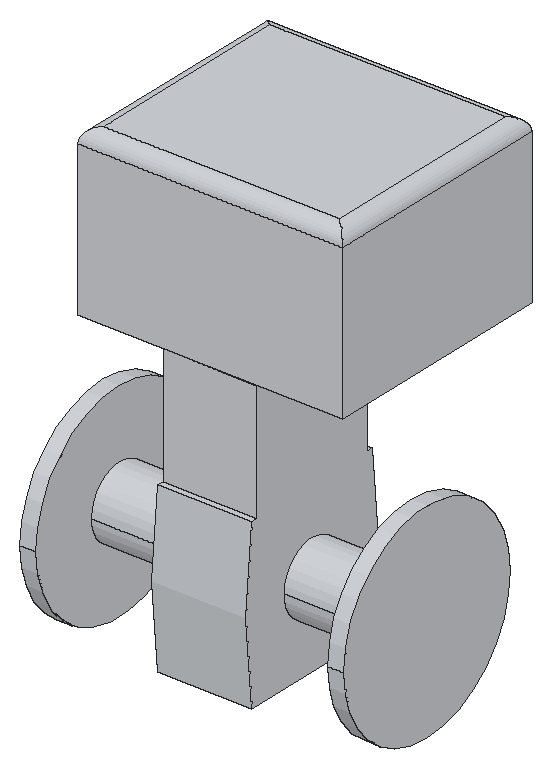
Revit family "788e113b96784a6ebfb03a3dcbd84709", category Pipe Accessories, Revit 2021
Family settings
  Round Connector Dimension = Use Radius
  Part Type = Valve - Breaks Into
  OmniClass Number = 23.65.55.14.17
  OmniClass Title = Adjusting/Controlling Valves for Liquid Services
  Seek Item ID = Motor Control Valve - 2.5-6 Inch-0000-USA-ENU
  Work Plane-Based = No
  Always vertical = Yes
  Cut with Voids When Loaded = No
  Shared = No
Parameters (values of type "2 1/2"")
  Symbol Radius = 0' - 4"
  K Coefficient = 0.28
  Flange Radius = Flange Diameter / 2  # 0' - 3.65039"
  Valve Material = none
  Valve Length = 0' - 11 51/128"
  Half Width = Body Width / 2  # 0' - 3.15039"
  Flange Diameter = 0' - 7 77/256"
  Overall Height = 1' - 4"
  Nominal Radius = 1 1/4"
  Nominal Diameter = Nominal Radius * 2  # 2 1/2"
  Half Valve Length = Valve Length / 2  # 0' - 5 179/256"
  Half Body Length = Body Length / 2  # 0' - 1.65039"
  Flange Thickness = Valve Length * 0.05  # 0' - 0.56992"
  Default Elevation = 0' - 0"
  Body Width = 0' - 6 77/256"
  Body Length = 0' - 3 77/256"
  Body Height 2 = 0' - 3"
  Body Height 1 = 0' - 2 115/128"
  Actuator Material = none
Types (5): name | Symbol Radius | K Coefficient | Flange Radius | Valve Length | Half Width | Flange Diameter | Overall Height | Nominal Radius | Nominal Diameter | Half Valve Length | Half Body Length | Flange Thickness | Body Width | Body Length | Body Height 2 | Body Height 1
  (no name) | 0' - 4" | 0.28 | 0' - 3.65039" | 0' - 11 51/128" | 0' - 3.15039" | 0' - 7 77/256" | 1' - 4" | 1 1/4" | 2 1/2" | 0' - 5 179/256" | 0' - 1.65039" | 0' - 0.56992" | 0' - 6 77/256" | 0' - 3 77/256" | 0' - 3" | 0' - 2 115/128"
  2 1/2" | 0' - 4" | 0.28 | 0' - 3.65039" | 0' - 11 51/128" | 0' - 3.15039" | 0' - 7 77/256" | 1' - 4" | 1 1/4" | 2 1/2" | 0' - 5 179/256" | 0' - 1.65039" | 0' - 0.56992" | 0' - 6 77/256" | 0' - 3 77/256" | 0' - 3" | 0' - 2 115/128"
  3" | 0' - 4" | 0.3 | 0' - 3 243/256" | 1' - 0 51/256" | 0' - 3 179/256" | 0' - 7 115/128" | 1' - 5 13/128" | 1 1/2" | 3" | 0' - 6.09961" | 0' - 2" | 0' - 0.60996" | 0' - 7 51/128" | 0' - 4" | 0' - 3 1/2" | 0' - 3 1/2"
  4" | 0' - 4" | 0.38 | 0' - 4.34961" | 1' - 1 205/256" | 0' - 4 115/256" | 0' - 8 179/256" | 1' - 6 77/128" | 2" | 4" | 0' - 6.90039" | 0' - 2.40039" | 0' - 0.69004" | 0' - 8 115/128" | 0' - 4 205/256" | 0' - 4 77/256" | 0' - 4 1/2"
  6" | 0' - 5" | 0.92 | 0' - 5.59961" | 1' - 6 115/128" | 0' - 4 115/256" | 0' - 11 51/256" | 1' - 6 77/128" | 3" | 6" | 0' - 9 115/256" | 0' - 2.40039" | 0' - 0.94492" | 0' - 8 115/128" | 0' - 4 205/256" | 0' - 4 77/256" | 0' - 4 1/2"
Reference planes (in)
  plane 1 "Center (Front/Back)": y = 0
  plane 2: z = 0
  plane 3 "Center (Left/Right)": x = 0
  plane 4: x = -1.65039
  plane 5: x = 1.65039
  plane 6: x = -5.69922
  plane 7: x = 5.69922
  plane 8: x = 5.1293
  plane 9: x = -5.1293
  plane 10: y = 3.15039
  plane 11: y = -3.15039
  plane 12: z = -3
  plane 13: z = 2.89844
  plane 14: z = 13
  plane 15: z = 7.09375
  plane 16: x = -4.65625
  plane 17: x = 4.65625
  plane 18: z = 12.5
  plane 19: y = -2.40625
  plane 20: y = 5.90625
  plane 21: y = 2.40625
  plane 22: y = 7.75
Forms (in)
  Sweep 1, solid, material <- "Valve Material", detail levels fine
    path origin (0, 0, 0) x (1, 0, 0) y (0, 1, 0)
      loop
        line (-5.69922, 0) -> (-5.1293, 0)
    profile origin (-5.41426, 0, 0) x (0, 1, 0) y (0, 0, 1)
      loop
        circle (0, 0) r 3.65039
  Sweep 2, solid, material <- "Valve Material", detail levels fine
    path origin (0, 0, 0) x (1, 0, 0) y (0, 1, 0)
      loop
        line (-5.1293, 0) -> (-1.65039, 0)
    profile origin (-3.38984, 0, 0) x (0, 1, 0) y (0, 0, 1)
      loop
        circle (0, 0) r 1.25
  Sweep 3, solid, material <- "Valve Material", detail levels fine
    path origin (0, 0, 0) x (-1, 0, 0) y (0, 1, 0)
      loop
        line (-5.69922, 0) -> (-5.1293, 0)
    profile origin (5.41426, 0, 0) x (0, -1, 0) y (0, 0, 1)
      loop
        circle (0, 0) r 3.65039
  Sweep 4, solid, material <- "Valve Material", detail levels fine
    path origin (0, 0, 0) x (-1, 0, 0) y (0, 1, 0)
      loop
        line (-5.1293, 0) -> (-1.65039, 0)
    profile origin (3.38984, 0, 0) x (0, -1, 0) y (0, 0, 1)
      loop
        circle (0, 0) r 1.25
  Extrusion 5, solid, material <- "Valve Material", detail levels fine
    sketch origin (0, 0, 0) x (0, 1, 0) y (0, 0, 1)
      loop
        arc (-2.65039, 2.89844) -> (-2.91164, -0.05078) -> (-2.65039, -3) r 16.77704
        line (-2.65039, -3) -> (2.59659, -3)
        arc (2.59659, -3) -> (2.88517, -0.05317) -> (2.65039, 2.89844) r 16.75125
        line (2.65039, 2.89844) -> (-2.65039, 2.89844)
    from -1.65039 to 1.65039
  Extrusion 6, solid, material <- "Actuator Material", detail levels fine
    sketch origin (0, 0, 0) x (1, 0, 0) y (0, 0, 1)
      loop
        line (-4.65625, 7.09375) -> (4.65625, 7.09375) -> (4.65625, 12.5) -> (-4.65625, 12.5) -> (-4.65625, 7.09375)
    from -5.90625 to 2.40625
  Sweep 7, solid, material <- "Actuator Material", detail levels fine
    path in 3D
      loop
        line (4.65625, 5.90625, 12.5) -> (4.65625, -2.40625, 12.5) -> (-4.65625, -2.40625, 12.5) -> (-4.65625, 5.90625, 12.5) -> (4.65625, 5.90625, 12.5)
    profile origin (0, 5.90625, 12.5) x (0, 1, 0) y (0, 0, 1)
      loop
        arc (0, 0) -> (-0.14645, 0.35355) -> (-0.5, 0.5) r 0.5
        line (-0.5, 0.5) -> (-0.5, 0) -> (0, 0)
  Extrusion 8, solid, material <- "Actuator Material", detail levels fine
    sketch origin (0, 0, 0) x (1, 0, 0) y (0, 1, 0)
      loop
        line (-4.15625, -1.90625) -> (4.15625, -1.90625) -> (4.15625, 5.40625) -> (-4.15625, 5.40625) -> (-4.15625, -1.90625)
    from 12.5 to 13
  Extrusion 9, solid, material <- "Valve Material", detail levels fine
    sketch origin (0, 0, 0) x (0, 1, 0) y (0, 0, 1)
      loop
        line (-2.40625, 2.89844) -> (2.40625, 2.89844) -> (2.40625, 7.09375) -> (-2.40625, 7.09375) -> (-2.40625, 2.89844)
    from -1.65039 to 1.65039
Cuts and joins
  joined: Sweep 1, Sweep 2, Sweep 3, Sweep 4, Extrusion 5, Extrusion 9
  joined: Extrusion 6, Sweep 7, Extrusion 8
Lines and regions (in)
  sketch lines
    curve 1: line (-4.65625, 5.90625, 12.5) -> (4.65625, 5.90625, 12.5)
    curve 2: line (-4.65625, -2.40625, 12.5) -> (-4.65625, 5.90625, 12.5)
    curve 3: line (4.65625, -2.40625, 12.5) -> (4.65625, 5.90625, 12.5)
    curve 4: line (4.65625, -2.40625, 12.5) -> (-4.65625, -2.40625, 12.5)
  model lines, detail levels coarse+medium
    curve 5: line (0, 0, 0) -> (0, 3.75, 0)
    curve 6: circle (0, 7.75, 0) r 4 normal (0, 0, 1)
    curve 7: line (-2, 5.90625, 0) -> (-2, 11.2141, 0)
    curve 8: line (-2, 11.2141, 0) -> (0, 7.75, 0)
    curve 9: line (0, 7.75, 0) -> (2, 11.2141, 0)
    curve 10: line (2, 11.2141, 0) -> (2, 5.90625, 0)
    curve 11: line (0, 0, 0) -> (5.69922, 3.29045, 0)
    curve 12: line (0, 0, 0) -> (5.69922, -3.29045, 0)
    curve 13: line (0, 0, 0) -> (-5.69922, 3.29045, 0)
    curve 14: line (0, 0, 0) -> (-5.69922, -3.29045, 0)
    curve 15: line (-5.69922, 3.29045, 0) -> (-5.69922, -3.29045, 0)
    curve 16: line (5.69922, 3.29045, 0) -> (5.69922, -3.29045, 0)
Dimensions and locks (in)
  "Half Body Length": plane 4 to plane 3 "Center (Left/Right)"
  "Half Body Length": plane 5 to plane 3 "Center (Left/Right)"
  "Half Valve Length": plane 6 to plane 3 "Center (Left/Right)"
  "Half Valve Length": plane 7 to plane 3 "Center (Left/Right)"
  "Flange Thickness": plane 8 to plane 7
  "Flange Thickness": plane 9 to plane 6
  "Half Width": plane 10 to plane 1 "Center (Front/Back)"
  "Half Width": plane 11 to plane 1 "Center (Front/Back)"
  "Body Height 2": plane 2 to plane 12
  "Body Height 1": plane 13 to plane 2
  "Overall Height": plane 14 to plane 12
  locked: plane 14 to plane 15 at 5.90625
  locked: plane 3 "Center (Left/Right)" to plane 16 at 4.65625
  locked: plane 17 to plane 3 "Center (Left/Right)" at 4.65625
  locked: plane 14 to plane 18 at 0.5
  locked: plane 19 to plane 1 "Center (Front/Back)" at 2.40625
  locked: plane 1 "Center (Front/Back)" to plane 20 at 5.90625
  "Flange Radius": radius of Sweep 1 sketch curve
  "Nominal Radius": radius of Sweep 2 sketch curve
  "Flange Radius": radius of Sweep 3 sketch curve
  "Nominal Radius": radius of Sweep 4 sketch curve
  "Symbol Radius": radius of curve 6
  locked: curve 7 to curve 8 (angle 30.00°)
  locked: curve 9 to curve 10 (angle 30.00°)
  locked: curve 13 to plane 1 "Center (Front/Back)" (angle 30.00°)
  locked: plane 1 "Center (Front/Back)" to curve 11 (angle 30.00°)
  locked: plane 1 "Center (Front/Back)" to curve 14 (angle 30.00°)
  locked: curve 12 to plane 1 "Center (Front/Back)" (angle 30.00°)
  aligned and locked: plane 1 "Center (Front/Back)" to Sweep 1 sketch curve  (x2)
  aligned and locked: plane 6 to Sweep 1 sketch curve
  aligned and locked: plane 2 to Sweep 1 sketch curve
  aligned and locked: plane 9 to Sweep 1 sketch curve
  aligned and locked: plane 9 to Sweep 2 sketch curve
  aligned and locked: plane 4 to Sweep 2 sketch curve
  aligned and locked: plane 1 "Center (Front/Back)" to Sweep 2 sketch curve  (x2)
  aligned and locked: plane 2 to Sweep 2 sketch curve
  aligned and locked: Sweep 4 to plane 5
  aligned and locked: Sweep 3 to plane 8
  aligned and locked: Sweep 4 to plane 8
  aligned and locked: Sweep 3 to plane 7
  aligned and locked: Extrusion 5 sketch curve to plane 13
  aligned and locked: plane 12 to Extrusion 5 sketch curve
  aligned and locked: Extrusion 5 to plane 4
  aligned and locked: plane 5 to Extrusion 5
  aligned and locked: plane 16 to Extrusion 6 sketch curve
  aligned and locked: Extrusion 6 sketch curve to plane 15
  aligned and locked: plane 17 to Extrusion 6 sketch curve
  aligned and locked: plane 20 to Extrusion 6
  aligned and locked: Extrusion 6 sketch curve to plane 18
  aligned and locked: plane 20 to Sweep 7 sketch curve
  aligned and locked: plane 14 to Sweep 7 sketch curve
  aligned and locked: Sweep 7 to Extrusion 8 sketch curve
  aligned and locked: Extrusion 8 sketch curve to Sweep 7  (x3)
  aligned and locked: plane 14 to Extrusion 8
  aligned and locked: Extrusion 8 to plane 18
  aligned and locked: Extrusion 6 to plane 19
  aligned and locked: Extrusion 6 to plane 20
  aligned and locked: plane 19 to Extrusion 9 sketch curve
  aligned and locked: Extrusion 9 sketch curve to plane 13
  aligned and locked: plane 15 to Extrusion 9 sketch curve
  aligned and locked: Extrusion 9 sketch curve to plane 21
  aligned and locked: Extrusion 9 to plane 4
  aligned and locked: plane 5 to Extrusion 9
  aligned and locked: plane 3 "Center (Left/Right)" to curve 6
  aligned and locked: plane 3 "Center (Left/Right)" to curve 5
  aligned and locked: plane 1 "Center (Front/Back)" to curve 5
  aligned and locked: plane 6 to curve 14
  aligned and locked: plane 7 to curve 11
  aligned and locked: plane 7 to curve 12
  aligned and locked: curve 15 to plane 6
  aligned and locked: plane 22 to curve 9
  aligned and locked: plane 22 to curve 6
  aligned and locked: plane 3 "Center (Left/Right)" to curve 9
  aligned and locked: plane 20 to curve 10
  aligned and locked: plane 20 to curve 7
  aligned and locked: plane 1 "Center (Front/Back)" to Sweep 3 sketch curve
  aligned and locked: plane 2 to Sweep 3 sketch curve
  aligned and locked: plane 1 "Center (Front/Back)" to Sweep 4 sketch curve
  aligned and locked: plane 2 to Sweep 4 sketch curve
Automatic sketch dimensions
  Sweep 3 sketch curve to plane 1 "Center (Front/Back)" = 0' - 0"
  Sweep 3 sketch curve to plane 7 = 0' - 0"
  Sweep 3 sketch curve to plane 8 = 0' - 0"
  Sweep 4 sketch curve to plane 1 "Center (Front/Back)" = 0' - 0"
  Sweep 4 sketch curve to plane 8 = 0' - 0"
  Sweep 4 sketch curve to plane 5 = 0' - 0"
  level to Extrusion 5 sketch curve = 0' - 0.09961"
  plane 11 to Extrusion 5 sketch curve = 0' - 10.715"
  Extrusion 5 sketch curve to plane 11 = 0' - 0 1/2"  (x2)
  Extrusion 5 sketch curve to plane 10 = 0' - 10.715"
  plane 10 to Extrusion 5 sketch curve = 0' - 0 1/2"
  Sweep 7 sketch curve to profile plane = 0' - 0"
Connectors (in)
  piping at (-5.69922, 0, 0), diameter 2.5, driven by "Nominal Radius"
    settings: on cut or joined group of Sweep 1, Sweep 2, Sweep 3, Sweep 4, Extrusion 5, Extrusion 9, index 1, connector inside diameter 2 1/2", connector length 0' - 0", flow factor 0, pipe flow 0 GPM, pressure drop 0.00 psi, fitting loss kfactor 0, connector angle 0.00°, fixture units 0, engagement length 0' - 0", angle of deflection 0.00°, flow configuration 0, flow direction 0, fitting loss method 2, system type 29, joint type 0, gender type 0, connector reference index 2, connector utility 0, adjustable connector no, is connector primary yes, connector description ""
  piping at (5.69922, 0, 0), diameter 2.5, driven by "Nominal Radius", driven by "K Coefficient"
    settings: on cut or joined group of Sweep 1, Sweep 2, Sweep 3, Sweep 4, Extrusion 5, Extrusion 9, index 2, connector inside diameter 2 1/2", connector length 0' - 0", flow factor 0, pipe flow 0 GPM, pressure drop 0.00 psi, fitting loss kfactor 0.28, connector angle 0.00°, fixture units 0, engagement length 0' - 0", angle of deflection 0.00°, flow configuration 0, flow direction 0, fitting loss method 2, system type 29, joint type 0, gender type 0, connector reference index 1, connector utility 0, adjustable connector no, is connector primary no, connector description ""
  electrical at (0, 1.75, 13)
    settings: on Extrusion 8, index 3, voltage 0 V, apparent load 0 VA, apparent load phase1 0 VA, apparent load phase2 0 VA, apparent load phase3 0 VA, power factor 1, load classification "Other", number of poles 1, system type 13, power factor state 1, is connector primary yes, connector utility no, sub classification motor no, connector description ""
